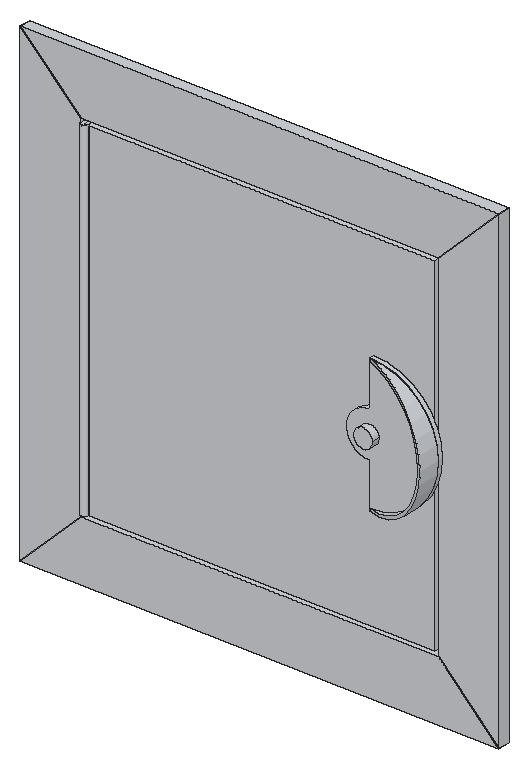
Revit family "L-95", category Mechanical Equipment, Revit 2015
Parameters
  URL = "https://unitedenertech.com/catalog/pdf/J_1%20Model%20L-95,%200-95.pdf"
  Type Comments = "Max. Size is (24\"w x 24\"h)"
  Model = "L-95"
  Manufacturer = "United Enertech Corporation"
  Exact Width = 0' - 6"
  Exact Height = 0' - 6"
  Door Width [instance] = Exact Width - 0' 0 1/4"  # 0' - 5 3/4"
  Door Height [instance] = Exact Height - 0' 0 1/4"  # 0' - 5 3/4"
  Description = "High Performance Internal Lined Duct Access Door"
Reference planes (in)
  plane 1 "Center (Front/Back)": y = 0
  plane 2: z = 0
  plane 3 "Center (Left/Right)": x = 0
  plane 4: x = -3
  plane 5: x = 3
  plane 6: z = 3
  plane 7: z = -3
  plane 8: y = -1
Dimensions and locks (in)
  equal spacing: plane 4, plane 3 "Center (Left/Right)", plane 5
  "Exact Width": plane 4 to plane 5
  equal spacing: plane 6, level, plane 7
  "Exact Height": plane 6 to plane 7
  locked: plane 1 "Center (Front/Back)" to plane 8 at 1
  aligned and locked: level to plane 2
  aligned and locked: plane 3 "Center (Left/Right)" to nested 2
  aligned and locked: plane 1 "Center (Front/Back)" to nested 2
  aligned and locked: plane 7 to nested 2
  aligned and locked: nested 3 to plane 3 "Center (Left/Right)"
  aligned and locked: nested 3 to plane 1 "Center (Front/Back)"
  aligned and locked: plane 6 to nested 3
  aligned and locked: level to nested 1
  aligned and locked: plane 1 "Center (Front/Back)" to nested 1
  aligned and locked: nested 1 to plane 5
  aligned and locked: nested 4 to level
  aligned and locked: nested 4 to plane 1 "Center (Front/Back)"
  aligned and locked: plane 4 to nested 4
  aligned and locked: plane 3 "Center (Left/Right)" to nested 5
  aligned and locked: nested 5 to plane 8
  aligned and locked: nested 6 to plane 8
  aligned and locked: plane 5 to nested 6
Nested families (in)
  nested 1: "LFRAME 1" at (3.937, 0, 0) x (0, 0, 1) z (-1, 0, 0), type "LFRAME 1"
    with L 0' - 6"
  nested 2: "LFRAME 2" at (0, 0, -3.937), type "LFRAME 2"
    with L 0' - 6"
  nested 3: "LFRAME 2" at (0, 0, 3.937) x (1, 0, 0) z (0, 0, -1), type "LFRAME 2"
    with L 0' - 6"
  nested 4: "LFRAME 1" at (-3.937, 0, 0) x (0, 0, 1) z (1, 0, 0), type "LFRAME 1"
    with L 0' - 6"
  nested 5: "Door" at (0, -0.535, 0), type "Door"
    with W 0' - 5 3/4", H 0' - 5 3/4"
  nested 6: "Cam" at (1.875, -1, 0), type "Cam"
Definition of nested family "LFRAME 1"
  Parameters (values of type "LFRAME 1")
    L = 3' - 0"
  Reference planes (in)
    plane 1 "Center (Front/Back)": y = 0
    plane 2: z = 0
    plane 3 "Center (Left/Right)": x = 0
    plane 4: x = -18
    plane 5: x = 18
    plane 6: y = -1
    plane 7: z = 1.687
    plane 8: z = 0.937
    plane 9: x = -22
    plane 10: x = 22
  Forms (in)
    Extrusion 1, solid
      sketch origin (0, 1.92037, 2.29963) x (0, 0, 1) y (0, -1, 0)
        loop
          line (-0.61263, 1.98337) -> (-1.29963, 1.98337) -> (-1.29963, 2.92037) -> (-2.29963, 2.92037) -> (-2.29963, 2.73287) -> (-2.23663, 2.73287) -> (-2.23663, 2.85737) -> (-2.11263, 2.85737) -> (-2.11263, 2.73287) -> (-1.86213, 2.73287) -> (-1.86213, 2.79587) -> (-2.04963, 2.79587) -> (-2.04963, 2.85737) -> (-1.54963, 2.85737) -> (-1.54963, 2.79587) -> (-1.73713, 2.79587) -> (-1.73713, 2.73287) -> (-1.48663, 2.73287) -> (-1.48663, 2.85737) -> (-1.36263, 2.85737) -> (-1.36263, 1.92037) -> (-0.61263, 1.92037) -> (-0.61263, 1.98337)
      from -22 to 22
    Extrusion 2, void
      sketch origin (3.33468, 0, 0) x (1, 0, 0) y (0, 0, 1)
        loop
          line (-25.33468, 1.687) -> (-25.33468, -3.063) -> (-20.58468, 1.687) -> (-25.33468, 1.687)
      from 0 to 12
    Extrusion 3, void
      sketch origin (-3.33468, 0, 0) x (-1, 0, 0) y (0, 0, -1)
        loop
          line (-25.33468, -1.687) -> (-20.58468, -1.687) -> (-25.33468, 3.063) -> (-25.33468, -1.687)
      from 0 to 12
  Cuts and joins
    Extrusion 2, Extrusion 3 cuts Extrusion 1
  Dimensions and locks (in)
    equal spacing: plane 4, plane 3 "Center (Left/Right)", plane 5
    "L": plane 4 to plane 5
    locked: plane 9 to plane 4 at 4
    locked: plane 5 to plane 10 at 4
    locked: Extrusion 2 sketch curve to Extrusion 2 sketch curve (angle 45.00°)
    locked: Extrusion 3 sketch curve to Extrusion 3 sketch curve (angle 45.00°)
    aligned and locked: level to plane 2
    aligned and locked: Extrusion 1 to Extrusion 2
    aligned and locked: Extrusion 1 to plane 10
    aligned and locked: Extrusion 1 to plane 9
    aligned and locked: Extrusion 2 to Extrusion 1
    aligned and locked: Extrusion 1 to Extrusion 3
    aligned and locked: Extrusion 3 to Extrusion 1
  Automatic sketch dimensions
    Extrusion 1 sketch curve to level = 0' - 0"
    Extrusion 1 sketch curve to plane 8 = 0' - 0"
    Extrusion 1 sketch curve to plane 6 = 0' - 0"
    Extrusion 1 sketch curve to plane 1 "Center (Front/Back)" = 0' - 0"
    Extrusion 1 sketch curve to plane 7 = 0' - 0"
    level to Extrusion 1 sketch curve = 0' - 0.063"
    Extrusion 1 sketch curve to Extrusion 1 sketch curve = 0' - 0.124"
    Extrusion 1 sketch curve to Extrusion 1 sketch curve = 0' - 0.063"  (x4)
    Extrusion 1 sketch curve to Extrusion 1 sketch curve = 0' - 0 3/16"
    Extrusion 1 sketch curve to Extrusion 1 sketch curve = 0' - 0 1/8"
    Extrusion 1 sketch curve to plane 8 = 0' - 0.187"
    plane 8 to Extrusion 1 sketch curve = 0' - 0.063"
    plane 1 "Center (Front/Back)" to Extrusion 1 sketch curve = 0' - 0.063"
    plane 6 to Extrusion 1 sketch curve = 0' - 0 3/16"
    Extrusion 1 sketch curve to Extrusion 1 sketch curve = 0' - 0"  (x2)
    plane 6 to Extrusion 1 sketch curve = 0' - 0.063"  (x2)
    Extrusion 1 sketch curve to Extrusion 1 sketch curve = 0' - 0.0615"
    Extrusion 2 sketch curve to plane 7 = 0' - 0"
    Extrusion 2 sketch curve to plane 9 = 0' - 0"
    plane 4 to Extrusion 2 sketch curve = 0' - 0 3/4"
    Extrusion 3 sketch curve to plane 7 = 0' - 0"
    Extrusion 3 sketch curve to plane 10 = 0' - 0"
    plane 5 to Extrusion 3 sketch curve = 0' - 0 3/4"
Definition of nested family "LFRAME 2"
  Parameters (values of type "LFRAME 2")
    L = 3' - 0"
  Reference planes (in)
    plane 1 "Center (Front/Back)": y = 0
    plane 2: z = 0
    plane 3 "Center (Left/Right)": x = 0
    plane 4: x = -18
    plane 5: x = 18
    plane 6: y = -1
    plane 7: z = 1.687
    plane 8: z = 0.937
    plane 9: x = -22
    plane 10: x = 22
  Forms (in)
    Extrusion 1, solid
      sketch origin (0, 1.92037, 2.29963) x (0, 0, 1) y (0, -1, 0)
        loop
          line (-0.61263, 1.98337) -> (-1.29963, 1.98337) -> (-1.29963, 2.92037) -> (-2.29963, 2.92037) -> (-2.29963, 2.73287) -> (-2.23663, 2.73287) -> (-2.23663, 2.85737) -> (-2.11263, 2.85737) -> (-2.11263, 2.73287) -> (-1.86213, 2.73287) -> (-1.86213, 2.79587) -> (-2.04963, 2.79587) -> (-2.04963, 2.85737) -> (-1.54963, 2.85737) -> (-1.54963, 2.79587) -> (-1.73713, 2.79587) -> (-1.73713, 2.73287) -> (-1.48663, 2.73287) -> (-1.48663, 2.85737) -> (-1.36263, 2.85737) -> (-1.36263, 1.92037) -> (-0.61263, 1.92037) -> (-0.61263, 1.98337)
      from -22 to 22
    Extrusion 2, void
      sketch origin (3.33468, 0, 0) x (1, 0, 0) y (0, 0, 1)
        loop
          line (-25.33468, 1.687) -> (-25.33468, -3.063) -> (-20.58468, 1.687) -> (-25.33468, 1.687)
      from 0 to 12
    Extrusion 3, void
      sketch origin (-3.33468, 0, 0) x (-1, 0, 0) y (0, 0, -1)
        loop
          line (-25.33468, -1.687) -> (-20.58468, -1.687) -> (-25.33468, 3.063) -> (-25.33468, -1.687)
      from 0 to 12
  Cuts and joins
    Extrusion 2, Extrusion 3 cuts Extrusion 1
  Dimensions and locks (in)
    equal spacing: plane 4, plane 3 "Center (Left/Right)", plane 5
    "L": plane 4 to plane 5
    locked: plane 9 to plane 4 at 4
    locked: plane 5 to plane 10 at 4
    locked: Extrusion 2 sketch curve to Extrusion 2 sketch curve (angle 45.00°)
    locked: Extrusion 3 sketch curve to Extrusion 3 sketch curve (angle 45.00°)
    aligned and locked: level to plane 2
    aligned and locked: Extrusion 1 to Extrusion 2
    aligned and locked: Extrusion 1 to plane 10
    aligned and locked: Extrusion 1 to plane 9
    aligned and locked: Extrusion 2 to Extrusion 1
    aligned and locked: Extrusion 1 to Extrusion 3
    aligned and locked: Extrusion 3 to Extrusion 1
  Automatic sketch dimensions
    Extrusion 1 sketch curve to level = 0' - 0"
    Extrusion 1 sketch curve to plane 8 = 0' - 0"
    Extrusion 1 sketch curve to plane 6 = 0' - 0"
    Extrusion 1 sketch curve to plane 1 "Center (Front/Back)" = 0' - 0"
    Extrusion 1 sketch curve to plane 7 = 0' - 0"
    level to Extrusion 1 sketch curve = 0' - 0.063"
    Extrusion 1 sketch curve to Extrusion 1 sketch curve = 0' - 0.124"
    Extrusion 1 sketch curve to Extrusion 1 sketch curve = 0' - 0.063"  (x4)
    Extrusion 1 sketch curve to Extrusion 1 sketch curve = 0' - 0 3/16"
    Extrusion 1 sketch curve to Extrusion 1 sketch curve = 0' - 0 1/8"
    Extrusion 1 sketch curve to plane 8 = 0' - 0.187"
    plane 8 to Extrusion 1 sketch curve = 0' - 0.063"
    plane 1 "Center (Front/Back)" to Extrusion 1 sketch curve = 0' - 0.063"
    plane 6 to Extrusion 1 sketch curve = 0' - 0 3/16"
    Extrusion 1 sketch curve to Extrusion 1 sketch curve = 0' - 0"  (x2)
    plane 6 to Extrusion 1 sketch curve = 0' - 0.063"  (x2)
    Extrusion 1 sketch curve to Extrusion 1 sketch curve = 0' - 0.0615"
    Extrusion 2 sketch curve to plane 7 = 0' - 0"
    Extrusion 2 sketch curve to plane 9 = 0' - 0"
    plane 4 to Extrusion 2 sketch curve = 0' - 0 3/4"
    Extrusion 3 sketch curve to plane 7 = 0' - 0"
    Extrusion 3 sketch curve to plane 10 = 0' - 0"
    plane 5 to Extrusion 3 sketch curve = 0' - 0 3/4"
Definition of nested family "Door"
  Parameters (values of type "Door")
    W = 1' - 0"
    H = 2' - 0"
  Reference planes (in)
    plane 1 "Center (Front/Back)": y = 0
    plane 2: z = 0
    plane 3 "Center (Left/Right)": x = 0
    plane 4: x = -6
    plane 5: z = 12
    plane 6: z = -12
    plane 7: x = 6
    plane 8: y = -0.465
    plane 9: y = 0.465
    plane 10: x = -5.9375
    plane 11: x = -6.0625
    plane 12: y = -0.4025
    plane 13: y = -0.5275
  Forms (in)
    Extrusion 1, solid
      sketch origin (0, 0, 0) x (1, 0, 0) y (0, 0, 1)
        loop
          line (-6, 12) -> (-6, -12) -> (6, -12) -> (6, 12) -> (-6, 12)
      from -0.465 to 0.465
    Extrusion 2, solid
      sketch origin (0.16564, 0, 0) x (1, 0, 0) y (0, 1, 0)
        loop
          circle (-6.16564, -0.465) r 0.0625
      from -12 to 12
  Dimensions and locks (in)
    equal spacing: plane 4, plane 3 "Center (Left/Right)", plane 7
    "W": plane 4 to plane 7
    equal spacing: plane 5, level, plane 6
    "H": plane 5 to plane 6
    equal spacing: plane 9, plane 1 "Center (Front/Back)", plane 8
    locked: plane 9 to plane 8 at 0.93
    equal spacing: plane 11, plane 4, plane 10
    locked: plane 11 to plane 10 at 0.125
    equal spacing: plane 12, plane 8, plane 13
    locked: plane 12 to plane 13 at 0.125
    aligned and locked: level to plane 2
    aligned and locked: Extrusion 1 sketch curve to plane 5
    aligned and locked: plane 6 to Extrusion 1 sketch curve
    aligned and locked: Extrusion 1 sketch curve to plane 4
    aligned and locked: Extrusion 1 sketch curve to plane 7
    aligned and locked: Extrusion 1 to plane 9
    aligned and locked: Extrusion 1 to plane 8
    aligned and locked: plane 5 to Extrusion 2
    aligned and locked: Extrusion 2 to plane 6
  Automatic sketch dimensions
    Extrusion 2 sketch curve to plane 8 = 0' - 0"
    Extrusion 2 sketch curve to plane 11 = 0' - 0 1/16"
    radius of Extrusion 2 sketch curve = 0' - 0 1/16"
Definition of nested family "Cam"
  Reference planes (in)
    plane 1 "Center (Front/Back)": y = 0
    plane 2: z = 0
    plane 3 "Center (Left/Right)": x = 0
    plane 4: z = 0.15625
    plane 5: z = -0.15625
    plane 6: z = -1.125
    plane 7: z = 1.125
    plane 8: x = 1.125
    plane 9: x = 1
    plane 10: x = 0.15625
    plane 11: x = -0.15625
    plane 12: y = -0.09
    plane 13: y = -0.215
    plane 14: y = -0.465
    plane 15: z = -0.375
    plane 16: x = -0.375
    plane 17: z = 0.375
  Forms (in)
    Extrusion 1, solid
      sketch origin (0, 0, 0) x (1, 0, 0) y (0, 0, 1)
        loop
          circle (0, 0) r 0.15625
      from 0.09 to 0.215
    Extrusion 2, solid
      sketch origin (0, 0, 0) x (1, 0, 0) y (0, 0, 1)
        loop
          arc (0, 0.375) -> (-0.375, 0) -> (0, -0.375) r 0.375
          line (0, -0.375) -> (0, -1.125)
          arc (0, -1.125) -> (1.125, 0) -> (0, 1.125) r 1.125
          line (0, 1.125) -> (0, 0.375)
      from 0 to 0.09
    Extrusion 3, solid
      sketch origin (0, 0, 0) x (1, 0, 0) y (0, 0, 1)
        loop
          arc (0, -1.125) -> (1.125, 0) -> (0, 1.125) r 1.125
          line (0, 1.125) -> (0, 1.07812)
          arc (0, 1.07812) -> (1.07812, 0) -> (0, -1.07812) r 1.07812
          line (0, -1.07812) -> (0, -1.125)
      from 0.09 to 0.465
    Extrusion 4, void
      sketch origin (0, 0.66324, 0) x (1, 0, 0) y (0, 1, 0)
        loop
          line (0, -0.75324) -> (-0.15625, -1.12824) -> (1.125, -1.12824) -> (0, -0.75324)
      from -1.45677 to 12
  Cuts and joins
    Extrusion 4 cuts Extrusion 3
  Dimensions and locks (in)
    equal spacing: plane 11, plane 3 "Center (Left/Right)", plane 10
    locked: plane 11 to plane 10 at 0.3125
    equal spacing: plane 4, level, plane 5
    locked: plane 4 to plane 5 at 0.3125
    equal spacing: plane 7, level, plane 6
    locked: plane 7 to plane 6 at 2.25
    locked: plane 8 to plane 3 "Center (Left/Right)" at 1.125
    locked: plane 9 to plane 8 at 0.125
    locked: plane 12 to plane 1 "Center (Front/Back)" at 0.09
    locked: plane 12 to plane 13 at 0.125
    locked: plane 14 to plane 13 at 0.25
    locked: plane 3 "Center (Left/Right)" to plane 16 at 0.375
    locked: level to plane 15 at 0.375
    locked: plane 17 to level at 0.375
    aligned and locked: level to plane 2
    aligned and locked: Extrusion 1 to plane 13
    aligned and locked: Extrusion 2 to plane 1 "Center (Front/Back)"
    aligned and locked: Extrusion 2 to plane 12
    aligned and locked: plane 12 to Extrusion 1
    aligned and locked: plane 14 to Extrusion 3
  Automatic sketch dimensions
    Extrusion 1 sketch curve to level = 0' - 0"
    Extrusion 1 sketch curve to plane 3 "Center (Left/Right)" = 0' - 0"
    Extrusion 2 sketch curve to Extrusion 2 sketch curve = 0' - 0"
    Extrusion 2 sketch curve to plane 3 "Center (Left/Right)" = 0' - 0"
    Extrusion 2 sketch curve to plane 6 = 0' - 0"
    Extrusion 2 sketch curve to plane 15 = 0' - 0"
    Extrusion 2 sketch curve to plane 7 = 0' - 0"
    Extrusion 3 sketch curve to level = 0' - 0"
    Extrusion 3 sketch curve to plane 3 "Center (Left/Right)" = 0' - 0"
    Extrusion 3 sketch curve to plane 6 = 0' - 0"
    Extrusion 4 sketch curve to plane 11 = 0' - 0"
    Extrusion 4 sketch curve to plane 3 "Center (Left/Right)" = 0' - 0"
    Extrusion 4 sketch curve to plane 8 = 0' - 0"
    plane 14 to Extrusion 4 sketch curve = 0' - 0"
    Extrusion 4 sketch curve to plane 12 = 0' - 0"
    Extrusion 3 sketch curve to Extrusion 3 sketch curve = 0' - 0 3/64"
    Extrusion 3 sketch curve to Extrusion 3 sketch curve = 0' - 0"
    radius of Extrusion 1 sketch curve = 0' - 0 5/32"
